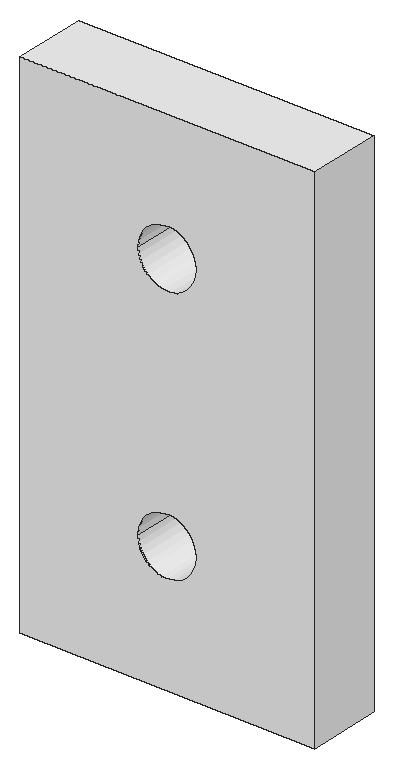
Revit family
Parameters (values of type "20x35 mm")
  Switch Material = Plastic
  Mounting  Height = 1000 mm
Reference planes
  plane 1: y = 0
  plane 2 "Center (Left/Right)": x = 125
  plane 3 "Back": y = 75
  plane 4: z = 1000
Forms (mm)
  Extrusion 1, solid, material "Plastic" <- "Switch Material"
    sketch origin (0, 75, 0) x (1, 0, 0) y (0, 0, 1)
      loop
        line (115, 1035) -> (115, 1000) -> (135, 1000) -> (135, 1035) -> (115, 1035)
      loop
        circle (125, 1008.759) r 2
      loop
        circle (125, 1026.241) r 2
    from 0 to -5
  Extrusion 2, solid, material "Plastic" <- "Switch Material"
    sketch origin (0, 75, 0) x (1, 0, 0) y (0, 0, 1)
      loop
        line (125.803, 1021.497) -> (124.197, 1021.927)
        arc (124.197, 1021.927) -> (123.564, 1021.021) -> (123.659, 1019.92) r 1.622
        line (123.659, 1019.92) -> (125.222, 1019.783)
        arc (125.222, 1019.783) -> (125.603, 1017.327) -> (125.222, 1014.871) r 8.106
        line (125.222, 1014.871) -> (123.659, 1014.734)
        arc (123.659, 1014.734) -> (123.564, 1013.633) -> (124.197, 1012.727) r 1.622
        line (124.197, 1012.727) -> (125.803, 1013.157)
        arc (125.803, 1013.157) -> (127.072, 1017.327) -> (125.803, 1021.497) r 7.485
    from -5 to -6
Lines and regions (mm)
  symbolic lines
    curve 1: line (115, 80, 0) -> (135, 80, 0)
    curve 2: line (115, 75, 0) -> (115, 80, 0)
    curve 3: line (135, 75, 0) -> (115, 75, 0)
    curve 4: line (135, 80, 0) -> (135, 75, 0)
    curve 5: line (123.51, 81, 0) -> (123.51, 80, 0)
    curve 6: line (123.51, 81, 0) -> (127.072, 81, 0)
    curve 7: line (127.072, 81, 0) -> (127.072, 80, 0)
Text (mm)
  text "Placement side" at (-1867.185, 1116.779, 0), in view "Ref. Level"
  text "Placement side" at (0, 1270.507, 3001.832), in view "Left"
  text "Placement side" at (0, 530.812, 2999.686), in view "Right"
Dimensions and locks
  locked: plane 3 "Back" to host wall
  "Mounting  Height": level to plane 4
  aligned and locked: plane 1 to host wall
  aligned and locked: Extrusion 1 to host wall
  aligned and locked: Extrusion 2 to Extrusion 1
  aligned and locked: curve 1 to Extrusion 1  (x2)
  aligned and locked: curve 4 to Extrusion 1  (x2)
  aligned and locked: Extrusion 2 to curve 5
Automatic sketch dimensions
  curve 5 to plane 2 "Center (Left/Right)" = 1.49 mm
  plane 2 "Center (Left/Right)" to curve 7 = 2.072 mm
  Extrusion 1 sketch curve to plane 4 = 0 mm
  Extrusion 1 sketch curve to plane 2 "Center (Left/Right)" = 0 mm  (x2)
  Extrusion 1 sketch curve to plane 2 "Center (Left/Right)" = 10 mm
  plane 2 "Center (Left/Right)" to Extrusion 1 sketch curve = 10 mm
  Extrusion 1 sketch curve to plane 4 = 8.759 mm
  Extrusion 1 sketch curve to Extrusion 1 sketch curve = 17.482 mm
  Extrusion 1 sketch curve to Extrusion 1 sketch curve = 8.759 mm
  Extrusion 2 sketch curve to plane 2 "Center (Left/Right)" = 7.503 mm
  Extrusion 2 sketch curve to Extrusion 2 sketch curve = 2.09 mm
  Extrusion 2 sketch curve to plane 2 "Center (Left/Right)" = 1.341 mm  (x2)
  Extrusion 2 sketch curve to plane 2 "Center (Left/Right)" = 0.803 mm  (x2)
  plane 2 "Center (Left/Right)" to Extrusion 2 sketch curve = 0.131 mm  (x2)
  plane 2 "Center (Left/Right)" to Extrusion 2 sketch curve = 0.222 mm  (x2)
  plane 2 "Center (Left/Right)" to Extrusion 2 sketch curve = 0.803 mm  (x2)
  Extrusion 2 sketch curve to plane 4 = 12.727 mm
  Extrusion 2 sketch curve to Extrusion 2 sketch curve = 0.43 mm
  Extrusion 2 sketch curve to Extrusion 2 sketch curve = 0.896 mm
  Extrusion 2 sketch curve to Extrusion 2 sketch curve = 0.818 mm  (x2)
  Extrusion 2 sketch curve to Extrusion 2 sketch curve = 2.593 mm
  Extrusion 2 sketch curve to Extrusion 2 sketch curve = 0 mm
  Extrusion 2 sketch curve to Extrusion 2 sketch curve = 0.137 mm
  radius of Extrusion 1 sketch curve = 2 mm  (x2)
